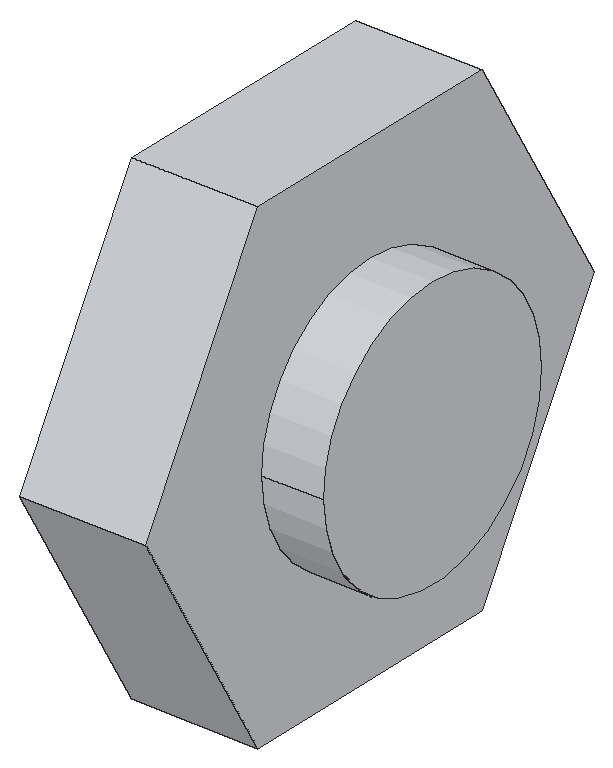
Revit family "União - Passagem x Rosqueada F - PPR", category Conexões de tubo, Revit 2019
Family settings
  Cota do conector redondo = Usar raio
  Tipo de parte = União
  Com base no plano de trabalho = Não
  Sempre na vertical = Sim
  Corte com vazios quando carregada = Não
  Compartilhado = Não
Parameters (values of type "Padrão")
  Tamanho da marca de revisão [instance] = Diâmetro externo do soquete 1 * 0.4  # 12 mm
  Raio externo do soquete 2 [instance] = Diâmetro externo do soquete 2 / 2  # 23.75 mm
  Diâmetro externo do soquete 2 [instance] = size_lookup(Nome da tabela de pesquisa, "SOD2", 2.04 * Diâmetro nominal + 5.2 mm, Diâmetro nominal)  # 47.5 mm
  Raio nominal [instance] = 10 mm
  Diâmetro nominal [instance] = Raio nominal * 2  # 20 mm
  Método de perda = Coeficiente K da tabela
  Nome da tabela de pesquisa = "BR_Union - Slip x Threaded F - PPR"
  Comprimento 2 [instance] = (Diâmetro externo da conexão / 2) * (1 - sin(60.00°))  # 6.565 mm
  Comprimento 1 [instance] = (Diâmetro externo da conexão / 2) * cos(60.00°)  # 24.5 mm
  Comprimento [instance] = size_lookup(Nome da tabela de pesquisa, "Lgt", 0.57 * Diâmetro nominal + 33 mm, Diâmetro nominal)  # 44 mm
  Tabela de coeficiente K = "Redutor/Acoplamento/União/Redutor"
  Raio externo do soquete 1 [instance] = Diâmetro externo do soquete 1 / 2  # 15 mm
  Diâmetro externo do soquete 1 [instance] = size_lookup(Nome da tabela de pesquisa, "SOD1", 1.17 * Diâmetro nominal + 6.8 mm, Diâmetro nominal)  # 30 mm
  Diâmetro externo da conexão [instance] = size_lookup(Nome da tabela de pesquisa, "FOD", 2.17 * Diâmetro nominal + 52.6 mm, Diâmetro nominal)  # 98 mm
Reference planes
  plane 1 "Centro (frente/trás)": y = 0
  plane 2: z = 0
  plane 3 "Centro (direita/esquerda)": x = 0
  plane 4: x = -22
  plane 5: x = 22
  plane 6: y = 12
  plane 7: y = -12
  plane 8: x = -11
  plane 9: x = 11
  plane 10: y = 49
  plane 11: y = -49
  plane 12: z = 49
  plane 13: z = -49
  plane 14: y = -24.5
  plane 15: y = 24.5
  plane 16: z = 42.435
  plane 17: z = -42.435
Forms (mm)
  Extrusion 1, solid, detail levels fine
    sketch origin (0, 0, 0) x (0, 1, 0) y (0, 0, 1)
      loop
        circle (0, 0) r 15
    from -22 to -11
  Extrusion 2, solid, detail levels fine
    sketch origin (-11, 28.59, 1219.2) x (0, 1, 0) y (0, 0, 1)
      loop
        line (-4.09, -1176.765) -> (-53.09, -1176.765) -> (-77.59, -1219.2) -> (-53.09, -1261.635) -> (-4.09, -1261.635) -> (20.41, -1219.2) -> (-4.09, -1176.765)
    from 0 to 22
  Extrusion 3, solid, detail levels fine
    sketch origin (22, 1524, 1219.2) x (0, 1, 0) y (0, 0, -1)
      loop
        circle (-1524, 1219.2) r 23.75
    from 0 to 11
Cuts and joins
  joined: Extrusion 1, Extrusion 2, Extrusion 3
Lines and regions (mm)
  model lines, detail levels coarse+medium
    curve 1: line (-22, 0, 0) -> (22, 0, 0)
    curve 2: line (-22, 12, 0) -> (-22, -12, 0)
    curve 3: line (22, 12, 0) -> (22, -12, 0)
Dimensions and locks
  "Comprimento": plane 4 to plane 5
  "Tamanho da marca de revisão": plane 6 to plane 1 "Centro (frente/trás)"
  "Tamanho da marca de revisão": plane 7 to plane 1 "Centro (frente/trás)"
  equal spacing: plane 4, plane 8, plane 3 "Centro (direita/esquerda)", plane 9, plane 5
  equal spacing: plane 10, plane 1 "Centro (frente/trás)", plane 11
  "Diâmetro externo da conexão": plane 10 to plane 11
  equal spacing: plane 12, level, plane 13
  "Diâmetro externo da conexão": plane 12 to plane 13
  "Comprimento 1": plane 15 to plane 1 "Centro (frente/trás)"
  "Comprimento 1": plane 1 "Centro (frente/trás)" to plane 14
  "Comprimento 2": plane 17 to plane 13
  "Comprimento 2": plane 12 to plane 16
  "Raio externo do soquete 1": radius of Extrusion 1 sketch curve
  "Raio externo do soquete 2": radius of Extrusion 3 sketch curve
  aligned and locked: plane 2 to Extrusion 1 sketch curve
  aligned and locked: plane 1 "Centro (frente/trás)" to Extrusion 1 sketch curve
  aligned and locked: Extrusion 1 to plane 4
  aligned and locked: plane 6 to curve 2
  aligned and locked: plane 7 to curve 2
  aligned and locked: curve 2 to plane 4
  aligned and locked: plane 6 to curve 3
  aligned and locked: plane 7 to curve 3
  aligned and locked: plane 5 to curve 3
  aligned and locked: plane 4 to curve 1
  aligned and locked: plane 5 to curve 1
  aligned and locked: plane 1 "Centro (frente/trás)" to curve 1
  aligned and locked: plane 4 to Extrusion 1
  aligned and locked: Extrusion 2 to plane 8
  aligned and locked: Extrusion 2 to plane 9
  aligned and locked: plane 8 to Extrusion 1
  aligned and locked: Extrusion 3 to plane 9
  aligned and locked: Extrusion 3 to plane 5
  aligned and locked: level to Extrusion 3 sketch curve
  aligned and locked: plane 1 "Centro (frente/trás)" to Extrusion 3 sketch curve
Automatic sketch dimensions
  Extrusion 2 sketch curve to level = 0 mm  (x2)
  Extrusion 2 sketch curve to plane 11 = 0 mm
  Extrusion 2 sketch curve to plane 14 = 0 mm  (x2)
  Extrusion 2 sketch curve to plane 15 = 0 mm  (x2)
  Extrusion 2 sketch curve to plane 10 = 0 mm
  Extrusion 2 sketch curve to plane 17 = 0 mm
  Extrusion 2 sketch curve to plane 16 = 0 mm
Connectors
  piping at (-22, 0, 0), diameter 20, driven by "Raio nominal"
    settings: on Extrusion 1, index 1, connector inside diameter 20 mm, connector length 0 mm, flow factor 0, pipe flow 0.0 L/s, pressure drop 0.0 Pa, fitting loss kfactor 0, connector angle 0.00°, fixture units 0, engagement length 0 mm, angle of deflection 0.00°, flow configuration 0, flow direction 0, fitting loss method 0, system type 28, joint type 0, gender type 0, connector reference index 2, connector utility 0, adjustable connector no, is connector primary yes, connector description ""
  piping at (22, 0, 0), diameter 20, driven by "Raio nominal"
    settings: on Extrusion 3, index 2, connector inside diameter 20 mm, connector length 0 mm, flow factor 0, pipe flow 0.0 L/s, pressure drop 0.0 Pa, fitting loss kfactor 0, connector angle 0.00°, fixture units 0, engagement length 0 mm, angle of deflection 0.00°, flow configuration 0, flow direction 0, fitting loss method 0, system type 28, joint type 0, gender type 0, connector reference index 1, connector utility 0, adjustable connector no, is connector primary no, connector description ""
